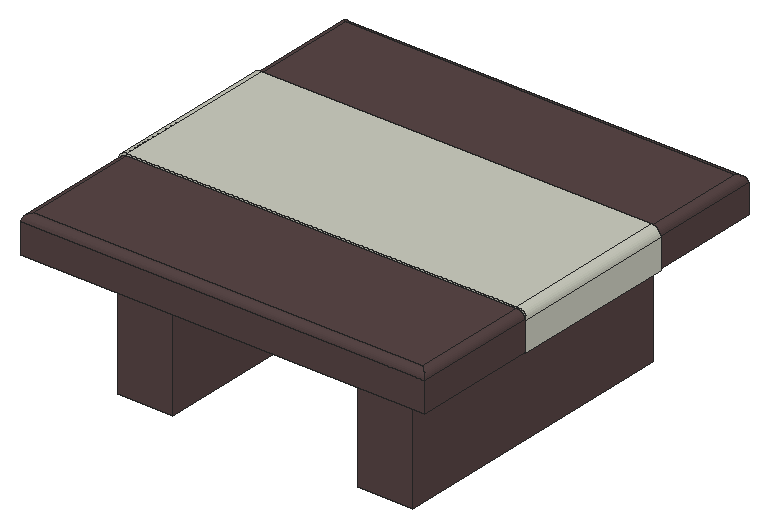
Revit family
Parameters (values of type "ZLL016 1600*900*450")
  후판두께 = 20 mm
  폭 = 1100 mm
  측판두께 = 20 mm
  천 = 천2
  상판두께 = 100 mm
  밑판두께 = 150 mm
  다리간격 = 300 mm
  높이 = 450 mm
  깊이 = 1100 mm
  Assembly Code = ""
Reference planes
  plane 1 "Center (Front/Back)": y = 0
  plane 2: z = 0
  plane 3 "Center (Left/Right)": x = 0
  plane 4 "left": x = -550
  plane 5 "right": x = 550
  plane 6 "back": y = 550
  plane 7 "front": y = -550
  plane 8 "Top": z = 450
  plane 9: x = -250
  plane 10: x = 250
Forms (mm)
  Extrusion 1, solid, material "소파테이블"
    sketch origin (0, 0, 0) x (1, 0, 0) y (0, 1, 0)
      loop
        line (-550, 550) -> (-550, -550) -> (550, -550) -> (550, 550) -> (-550, 550)
    from 350 to 450
  Extrusion 2, solid, material "소파테이블"
    sketch origin (0, 0, 0) x (1, 0, 0) y (0, 1, 0)
      loop
        line (-250, 75) -> (-250, -75) -> (250, -75) -> (250, 75) -> (-250, 75)
    from 200 to 350
  Extrusion 3, solid, material "소파테이블"
    sketch origin (0, 0, 0) x (1, 0, 0) y (0, 1, 0)
      loop
        line (-400, 410) -> (-400, -405.201) -> (-250, -405.201) -> (-250, 410) -> (-400, 410)
      loop
        line (250, 413.647) -> (250, -401.782) -> (400, -401.782) -> (400, 413.647) -> (250, 413.647)
    from 0 to 350
  Sweep 4, void
    path origin (0, 0, 450) x (-1, 0, 0) y (0, -1, 0)
      loop
        line (550, -550) -> (550, 550) -> (-550, 550) -> (-550, -550) -> (550, -550)
    profile origin (0, 550, 450) x (0, 1, 0) y (0, 0, 1)
      loop
        line (0, 0) -> (-20, 0)
        arc (-20, 0) -> (-5.858, -5.858) -> (0, -20) r 20
        line (0, -20) -> (0, 0)
  Extrusion 5, solid, material "천2" <- "천"
    sketch origin (0, 0, 0) x (1, 0, 0) y (0, 0, 1)
      loop
        arc (-550, 430) -> (-544.142, 444.142) -> (-530, 450) r 20
        line (-530, 450) -> (530, 450)
        arc (530, 450) -> (544.142, 444.142) -> (550, 430) r 20
        line (550, 430) -> (550, 350) -> (555, 350) -> (555, 430)
        arc (555, 430) -> (547.678, 447.678) -> (530, 455) r 25
        line (530, 455) -> (-530, 455)
        arc (-530, 455) -> (-547.678, 447.678) -> (-555, 430) r 25
        line (-555, 430) -> (-555, 350) -> (-550, 350) -> (-550, 430)
    from -245.436 to 211.486
Cuts and joins
  Sweep 4 cuts Extrusion 1
Dimensions and locks
  "폭": plane 4 "left" to plane 5 "right"
  equal spacing: plane 4 "left", plane 3 "Center (Left/Right)", plane 5 "right"
  "깊이": plane 6 "back" to plane 7 "front"
  equal spacing: plane 6 "back", plane 1 "Center (Front/Back)", plane 7 "front"
  "높이": plane 8 "Top" to level
  "다리간격": plane 4 "left" to plane 9
  "다리간격": plane 10 to plane 5 "right"
  "상판두께": plane 8 "Top" to Extrusion 1
  "밑판두께": Extrusion 1 to Extrusion 2
  "밑판두께": Extrusion 3 sketch curve to Extrusion 3 sketch curve  (x2)
  "밑판두께": Extrusion 2 to Extrusion 2
  equal spacing: Extrusion 2, plane 1 "Center (Front/Back)", Extrusion 2
  aligned and locked: plane 4 "left" to Extrusion 1 sketch curve
  aligned and locked: Extrusion 1 sketch curve to plane 6 "back"
  aligned and locked: plane 7 "front" to Extrusion 1 sketch curve
  aligned and locked: Extrusion 1 sketch curve to plane 5 "right"
  aligned and locked: plane 8 "Top" to Extrusion 1
  aligned and locked: plane 9 to Extrusion 2 sketch curve
  aligned and locked: Extrusion 2 sketch curve to plane 10
  aligned and locked: Extrusion 2 to Extrusion 1
  aligned and locked: Extrusion 3 sketch curve to plane 9
  aligned and locked: Extrusion 3 sketch curve to plane 10
  aligned and locked: Extrusion 3 to Extrusion 1
  aligned and locked: Sweep 4 sketch curve to Extrusion 1  (x3)
  aligned and locked: Extrusion 1 to Sweep 4 sketch curve
Automatic sketch dimensions
  plane 1 "Center (Front/Back)" to Extrusion 2 sketch curve = 75 mm
  Extrusion 2 sketch curve to plane 1 "Center (Front/Back)" = 75 mm
  plane 7 "front" to Extrusion 3 sketch curve = 148.218 mm
  plane 7 "front" to Extrusion 3 sketch curve = 144.799 mm
  Extrusion 3 sketch curve to plane 6 "back" = 136.353 mm
  Extrusion 3 sketch curve to plane 6 "back" = 140 mm
  Sweep 4 sketch curve to plane 8 "Top" = 0 mm
  Sweep 4 sketch curve to profile plane = 0 mm
  Sweep 4 sketch curve to Sweep 4 sketch curve = 20 mm
  Extrusion 5 sketch curve to Extrusion 5 sketch curve = 0 mm  (x4)
  Extrusion 5 sketch curve to plane 4 "left" = 0 mm
  Extrusion 5 sketch curve to plane 8 "Top" = 0 mm
  Extrusion 5 sketch curve to plane 5 "right" = 0 mm
  Extrusion 5 sketch curve to plane 4 "left" = 5 mm
  Extrusion 5 sketch curve to Extrusion 5 sketch curve = 20 mm
  Extrusion 5 sketch curve to plane 5 "right" = 20 mm
  Extrusion 5 sketch curve to Extrusion 5 sketch curve = 80 mm  (x2)
